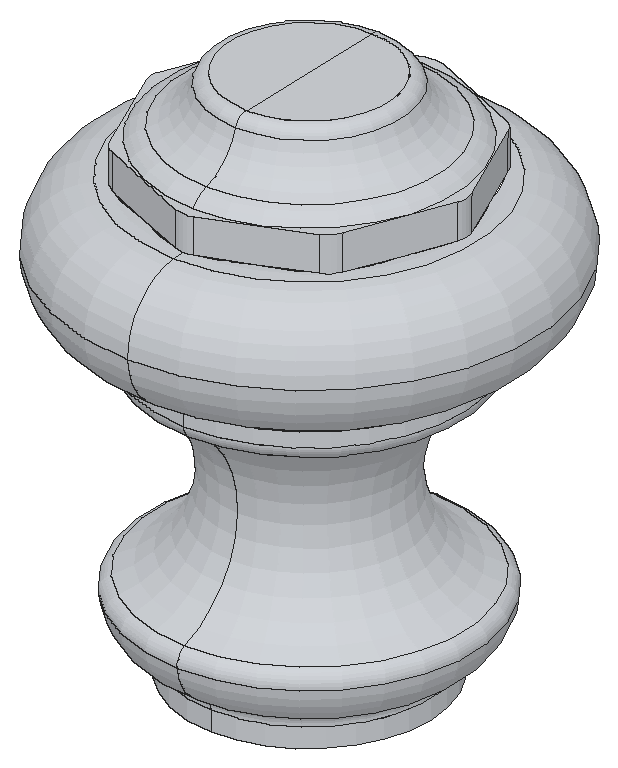
Revit family "Accessory-Cabinet_Knob-KOHLER-Artifacts-K-72578", category Specialty Equipment, host Face, Revit 2015
Parameters (values of type "CP-Polished Chrome")
  Width = 1 3/16"  # constant formula
  URL = "https://www.us.kohler.com/us/"
  Type = 1
  Product Page URL = "http://www.us.kohler.com/us/catalog/productDetails.jsp?productNumber=72578"
  Product Name = "Artifacts"  # constant formula
  Product Documentation Link = "http://www.us.kohler.com/onlinecatalog/pdf/K-72578_spec.pdf"
  Model = if(Type = 1, "K-72578-CP", if(Type = 2, "K-72578-SN", if(Type = 3, "K-72578-BN", if(Type = 4, "K-72578-BV", if(Type = 5, "K-72578-2BZ", if(Type = 6, "K-72578-VNT", "NA"))))))  # "K-72578-CP"
  Material = "Premium Metal Construction"  # constant formula
  MasterFormat 2004 = "10.28.13"  # constant formula
  MasterFormat 1995 = "10820"  # constant formula
  Manufacturer Address = "444 Highland Dr, Kohler, WI 53044"  # constant formula
  Manufacturer = "KOHLER Co."  # constant formula
  Length = 1"  # constant formula
  Finish = Kohler-Metal-CP-Polished_Chrome
  Environmental Product Declaration = ""
  Description = "Cabinet knob"  # constant formula
  Default Elevation = 42"
  Declare Label = ""
  Date Modified = "10/15/2018"  # constant formula
  Date Created = "10/15/2018"  # constant formula
  Copyright = "Copyright KOHLER Co."  # constant formula
  Contact Us = "https://www.us.kohler.com/us/static/contact.jsp"
  Assembly Code = "C1030200"
  ADA Compliant = 1 = 0  # no
Types (7): name | Type | Model | Finish
  (no name) | 1 | "K-72578-CP" | Kohler-Metal-CP-Polished_Chrome
  CP-Polished Chrome | 1 | "K-72578-CP" | Kohler-Metal-CP-Polished_Chrome
  SN-Vibrant Polished Nickel | 2 | "K-72578-SN" | Kohler-Metal-SN-Vibrant_Polished_Nickel
  BN-Vibrant Brushed Nickel | 3 | "K-72578-BN" | Kohler-Metal-BN-Vibrant_Brushed_Nickel
  BV-Vibrant Brushed Bronze | 4 | "K-72578-BV" | Kohler-Metal-BV-Brushed_Bronze
  2BZ-Oil-Rubbed Bronze | 5 | "K-72578-2BZ" | Kohler-Metal-2BZ-Oil_Rubbed_Bronze
  VNT-Vintage Nickel | 6 | "K-72578-VNT" | Kohler-Metal-VNT-Vintage_Nickel
Reference planes (in)
  plane 1 "Center (Front/Back)": y = 0
  plane 2: z = 0
  plane 3 "Center (Left/Right)": x = 0
  plane 4: x = -0.5
  plane 5: x = 0.5
  plane 6: z = 1.1875
Dimensions and locks (in)
  "Length": plane 4 to plane 5
  "Width": plane 2 to plane 6
  aligned and locked: plane 2 to host face
  aligned and locked: level to host face
Automatic sketch dimensions
  host sketch curve to host sketch curve = 96"  (x2)
Nested families (in)
  nested 1: "K-72578" at (0, 0, 0), type "K-72578"
Definition of nested family "K-72578"
  Parameters (values of type "K-72578")
    Material = none
  Reference planes (in)
    plane 1 "Center (Front/Back)": y = 0
    plane 2: z = 0
    plane 3 "Center (Left/Right)": x = 0
    plane 4: x = -0.5
    plane 5: x = 0.5
    plane 6: y = 0.5
    plane 7: y = -0.5
    plane 8: z = 1.1875
    plane 9: y = 0.27006
  Forms (in)
    Revolve 1, solid, material <- "Material", detail levels medium+fine
      sketch origin (0, 0, 0) x (0, 1, 0) y (0, 0, 1)
        loop
          line (0, 0) -> (0.27006, 0) -> (0.27006, 0.04297)
          arc (0.27006, 0.04297) -> (0.27538, 0.06) -> (0.28946, 0.07097) r 0.02991
          arc (0.28946, 0.07097) -> (0.34037, 0.1083) -> (0.36443, 0.16667) r 0.11681
          arc (0.36443, 0.16667) -> (0.35964, 0.18803) -> (0.34255, 0.20172) r 0.03304
          arc (0.34255, 0.20172) -> (0.19636, 0.39978) -> (0.32691, 0.6085) r 0.21883
          arc (0.32691, 0.6085) -> (0.34072, 0.62021) -> (0.34588, 0.63757) r 0.03177
          line (0.34588, 0.63757) -> (0.34588, 0.66884)
          arc (0.34588, 0.66884) -> (0.35346, 0.68877) -> (0.37236, 0.69863) r 0.02999
          arc (0.37236, 0.69863) -> (0.46185, 0.74433) -> (0.5, 0.8373) r 0.1447
          arc (0.5, 0.8373) -> (0.46513, 0.93475) -> (0.37286, 0.98165) r 0.14007
          arc (0.37286, 0.98165) -> (0.34747, 0.98255) -> (0.32214, 0.98059) r 0.22523
          line (0.32214, 0.98059) -> (0.32214, 1.05875)
          arc (0.32214, 1.05875) -> (0.30467, 1.07405) -> (0.2837, 1.08404) r 0.08483
          arc (0.2837, 1.08404) -> (0.2331, 1.115) -> (0.20271, 1.16595) r 0.12382
          arc (0.20271, 1.16595) -> (0.19171, 1.18153) -> (0.1736, 1.1875) r 0.03043
          line (0.1736, 1.1875) -> (0, 1.1875) -> (0, 0)
        axis (0, 0) -> (0, 1.1875)
      angle from 0 to 360
    Extrusion 2, solid, material <- "Material", detail levels medium+fine
      sketch origin (0, 0, 0) x (1, 0, 0) y (0, 1, 0)
        loop
          arc (-0.34347, 0.01913) -> (-0.34727, 0) -> (-0.34347, -0.01913) r 0.05
          line (-0.34347, -0.01913) -> (-0.25662, -0.2288)
          arc (-0.25662, -0.2288) -> (-0.24548, -0.24548) -> (-0.2288, -0.25662) r 0.05141
          line (-0.2288, -0.25662) -> (-0.01904, -0.34351)
          arc (-0.01904, -0.34351) -> (0, -0.34729) -> (0.01904, -0.34351) r 0.04975
          line (0.01904, -0.34351) -> (0.2282, -0.25687)
          arc (0.2282, -0.25687) -> (0.24539, -0.24539) -> (0.25687, -0.2282) r 0.05297
          line (0.25687, -0.2282) -> (0.34347, -0.01913)
          arc (0.34347, -0.01913) -> (0.34727, 0) -> (0.34347, 0.01913) r 0.05
          line (0.34347, 0.01913) -> (0.25687, 0.2282)
          arc (0.25687, 0.2282) -> (0.24539, 0.24539) -> (0.2282, 0.25687) r 0.05297
          line (0.2282, 0.25687) -> (0.01904, 0.34351)
          arc (0.01904, 0.34351) -> (0, 0.34729) -> (-0.01904, 0.34351) r 0.04975
          line (-0.01904, 0.34351) -> (-0.2288, 0.25662)
          arc (-0.2288, 0.25662) -> (-0.24548, 0.24548) -> (-0.25662, 0.2288) r 0.05141
          line (-0.25662, 0.2288) -> (-0.34347, 0.01913)
      from 0.96269 to 1.05875
    Extrusion 3, solid, material <- "Material", detail levels coarse
      sketch origin (0, 0, 0) x (1, 0, 0) y (0, 1, 0)
        loop
          circle (0, 0) r 0.5
      from 0 to 1.1875
  Cuts and joins
    joined: Revolve 1, Extrusion 2
  Lines and regions (in)
    Masking region 1
      outline origin (0, 0, 0) x (0, 1, 0) y (0, 0, 1)
        loop
          line (0, 0) -> (0.27006, 0) -> (0.27006, 0.04297)
          arc (0.27006, 0.04297) -> (0.27538, 0.06) -> (0.28946, 0.07097) r 0.02991
          arc (0.28946, 0.07097) -> (0.34037, 0.1083) -> (0.36443, 0.16667) r 0.11681
          arc (0.36443, 0.16667) -> (0.35964, 0.18803) -> (0.34255, 0.20172) r 0.03304
          arc (0.34255, 0.20172) -> (0.19636, 0.39978) -> (0.32691, 0.6085) r 0.21883
          arc (0.32691, 0.6085) -> (0.34072, 0.62021) -> (0.34588, 0.63757) r 0.03177
          line (0.34588, 0.63757) -> (0.34588, 0.66884)
          arc (0.34588, 0.66884) -> (0.35346, 0.68877) -> (0.37236, 0.69863) r 0.02999
          arc (0.37236, 0.69863) -> (0.46185, 0.74433) -> (0.5, 0.8373) r 0.1447
          arc (0.5, 0.8373) -> (0.45837, 0.9419) -> (0.3532, 0.98208) r 0.14007
          line (0.3532, 0.98208) -> (0.3532, 1.05875) -> (0.32214, 1.05875)
          arc (0.32214, 1.05875) -> (0.30467, 1.07405) -> (0.2837, 1.08404) r 0.08483
          arc (0.2837, 1.08404) -> (0.2331, 1.115) -> (0.20271, 1.16595) r 0.12382
          arc (0.20271, 1.16595) -> (0.19171, 1.18153) -> (0.1736, 1.1875) r 0.03043
          line (0.1736, 1.1875) -> (0, 1.1875) -> (-0.1736, 1.1875)
          arc (-0.1736, 1.1875) -> (-0.19171, 1.18153) -> (-0.20271, 1.16595) r 0.03043
          arc (-0.20271, 1.16595) -> (-0.2331, 1.115) -> (-0.2837, 1.08404) r 0.12382
          arc (-0.2837, 1.08404) -> (-0.30467, 1.07405) -> (-0.32214, 1.05875) r 0.08483
          line (-0.32214, 1.05875) -> (-0.3532, 1.05875) -> (-0.3532, 0.98208)
          arc (-0.3532, 0.98208) -> (-0.45837, 0.9419) -> (-0.5, 0.8373) r 0.14007
          arc (-0.5, 0.8373) -> (-0.46185, 0.74433) -> (-0.37236, 0.69863) r 0.1447
          arc (-0.37236, 0.69863) -> (-0.35346, 0.68877) -> (-0.34588, 0.66884) r 0.02999
          line (-0.34588, 0.66884) -> (-0.34588, 0.63757)
          arc (-0.34588, 0.63757) -> (-0.34072, 0.62021) -> (-0.32691, 0.6085) r 0.03177
          arc (-0.32691, 0.6085) -> (-0.19636, 0.39978) -> (-0.34255, 0.20172) r 0.21883
          arc (-0.34255, 0.20172) -> (-0.35964, 0.18803) -> (-0.36443, 0.16667) r 0.03304
          arc (-0.36443, 0.16667) -> (-0.34037, 0.1083) -> (-0.28946, 0.07097) r 0.11681
          arc (-0.28946, 0.07097) -> (-0.27538, 0.06) -> (-0.27006, 0.04297) r 0.02991
          line (-0.27006, 0.04297) -> (-0.27006, 0) -> (0, 0)
    Masking region 2
      outline origin (0, 0, 0) x (1, 0, 0) y (0, 0, 1)
        loop
          line (0.00008, 0) -> (0.27014, 0) -> (0.27014, 0.04297)
          arc (0.27014, 0.04297) -> (0.27546, 0.06) -> (0.28954, 0.07097) r 0.02991
          arc (0.28954, 0.07097) -> (0.34046, 0.1083) -> (0.36451, 0.16667) r 0.11681
          arc (0.36451, 0.16667) -> (0.35973, 0.18803) -> (0.34264, 0.20172) r 0.03304
          arc (0.34264, 0.20172) -> (0.19645, 0.39978) -> (0.32699, 0.6085) r 0.21883
          arc (0.32699, 0.6085) -> (0.3408, 0.62021) -> (0.34597, 0.63757) r 0.03177
          line (0.34597, 0.63757) -> (0.34597, 0.66884)
          arc (0.34597, 0.66884) -> (0.35354, 0.68877) -> (0.37244, 0.69863) r 0.02999
          arc (0.37244, 0.69863) -> (0.46194, 0.74433) -> (0.50008, 0.8373) r 0.1447
          arc (0.50008, 0.8373) -> (0.45845, 0.9419) -> (0.35328, 0.98208) r 0.14007
          line (0.35328, 0.98208) -> (0.35328, 1.05875) -> (0.32223, 1.05875)
          arc (0.32223, 1.05875) -> (0.30475, 1.07405) -> (0.28378, 1.08404) r 0.08483
          arc (0.28378, 1.08404) -> (0.23318, 1.115) -> (0.20279, 1.16595) r 0.12382
          arc (0.20279, 1.16595) -> (0.1918, 1.18153) -> (0.17369, 1.1875) r 0.03043
          line (0.17369, 1.1875) -> (0.00008, 1.1875) -> (-0.17352, 1.1875)
          arc (-0.17352, 1.1875) -> (-0.19163, 1.18153) -> (-0.20262, 1.16595) r 0.03043
          arc (-0.20262, 1.16595) -> (-0.23301, 1.115) -> (-0.28361, 1.08404) r 0.12382
          arc (-0.28361, 1.08404) -> (-0.30458, 1.07405) -> (-0.32206, 1.05875) r 0.08483
          line (-0.32206, 1.05875) -> (-0.35311, 1.05875) -> (-0.35311, 0.98208)
          arc (-0.35311, 0.98208) -> (-0.45828, 0.9419) -> (-0.49992, 0.8373) r 0.14007
          arc (-0.49992, 0.8373) -> (-0.46177, 0.74433) -> (-0.37227, 0.69863) r 0.1447
          arc (-0.37227, 0.69863) -> (-0.35337, 0.68877) -> (-0.3458, 0.66884) r 0.02999
          line (-0.3458, 0.66884) -> (-0.3458, 0.63757)
          arc (-0.3458, 0.63757) -> (-0.34063, 0.62021) -> (-0.32682, 0.6085) r 0.03177
          arc (-0.32682, 0.6085) -> (-0.19628, 0.39978) -> (-0.34247, 0.20172) r 0.21883
          arc (-0.34247, 0.20172) -> (-0.35956, 0.18803) -> (-0.36434, 0.16667) r 0.03304
          arc (-0.36434, 0.16667) -> (-0.34029, 0.1083) -> (-0.28937, 0.07097) r 0.11681
          arc (-0.28937, 0.07097) -> (-0.2753, 0.06) -> (-0.26997, 0.04297) r 0.02991
          line (-0.26997, 0.04297) -> (-0.26997, 0) -> (0.00008, 0)
    Masking region 3
      outline origin (0, 0, 0) x (1, 0, 0) y (0, 1, 0)
        loop
          circle (0, 0) r 0.5
    symbolic lines, detail levels medium+fine
      curve 1: line (-0.20262, 0, 1.16595) -> (0.20279, 0, 1.16595)
      curve 2: line (-0.32214, 0, 1.05875) -> (0.32214, 0, 1.05875)
      curve 3: line (-0.28361, 0, 1.08404) -> (0.28378, 0, 1.08404)
      curve 4: line (-0.35311, 0, 0.98208) -> (0.35328, 0, 0.98208)
      curve 5: line (-0.37227, 0, 0.69863) -> (0.37244, 0, 0.69863)
      curve 6: line (-0.32682, 0, 0.6085) -> (0.32699, 0, 0.6085)
      curve 7: line (-0.34247, 0, 0.20172) -> (0.34264, 0, 0.20172)
      curve 8: line (-0.28937, 0, 0.07097) -> (0.28954, 0, 0.07097)
      curve 9: line (0, 0.20271, 1.16595) -> (0, -0.20271, 1.16595)
      curve 10: line (0, 0.2837, 1.08404) -> (0, -0.2837, 1.08404)
      curve 11: line (0, 0.32214, 1.05875) -> (0, -0.32214, 1.05875)
      curve 12: line (0, 0.3532, 0.98208) -> (0, -0.3532, 0.98208)
      curve 13: line (0, 0.37236, 0.69863) -> (0, -0.37236, 0.69863)
      curve 14: line (0, 0.32691, 0.6085) -> (0, -0.32691, 0.6085)
      curve 15: line (0, 0.34255, 0.20172) -> (0, -0.34255, 0.20172)
      curve 16: line (0, 0.28946, 0.07097) -> (0, -0.28946, 0.07097)
      curve 17: line (-0.01904, 0.34351, 0) -> (-0.2288, 0.25662, 0)
      curve 18: arc (-0.2288, 0.25662, 0) -> (-0.24548, 0.24548, 0) -> (-0.25662, 0.2288, 0) r 0.05141
      curve 19: line (-0.25662, 0.2288, 0) -> (-0.34347, 0.01913, 0)
      curve 20: arc (-0.34347, 0.01913, 0) -> (-0.34727, 0, 0) -> (-0.34347, -0.01913, 0) r 0.05
      curve 21: line (-0.34347, -0.01913, 0) -> (-0.25662, -0.2288, 0)
      curve 22: arc (-0.25662, -0.2288, 0) -> (-0.24548, -0.24548, 0) -> (-0.2288, -0.25662, 0) r 0.05141
      curve 23: line (-0.2288, -0.25662, 0) -> (-0.01904, -0.34351, 0)
      curve 24: arc (-0.01904, -0.34351, 0) -> (0, -0.34729, 0) -> (0.01904, -0.34351, 0) r 0.04975
      curve 25: line (0.01904, -0.34351, 0) -> (0.2282, -0.25687, 0)
      curve 26: arc (0.2282, -0.25687, 0) -> (0.24539, -0.24539, 0) -> (0.25687, -0.2282, 0) r 0.05297
      curve 27: line (0.25687, -0.2282, 0) -> (0.34347, -0.01913, 0)
      curve 28: arc (0.34347, -0.01913, 0) -> (0.34727, 0, 0) -> (0.34347, 0.01913, 0) r 0.05
      curve 29: line (0.34347, 0.01913, 0) -> (0.25687, 0.2282, 0)
      curve 30: arc (0.25687, 0.2282, 0) -> (0.24539, 0.24539, 0) -> (0.2282, 0.25687, 0) r 0.05297
      curve 31: line (0.2282, 0.25687, 0) -> (0.01904, 0.34351, 0)
      curve 32: arc (0.01904, 0.34351, 0) -> (0, 0.34729, 0) -> (-0.01904, 0.34351, 0) r 0.04975
      curve 33: circle (0, 0, 0) r 0.32214 normal (0, 0, 1)
      curve 34: circle (0, 0, 0) r 0.19555 normal (0, 0, 1)
  Dimensions and locks (in)
    plane 5 to plane 3 "Center (Left/Right)" = 1/2"
    plane 8 to plane 2 = 1 3/16"
    aligned and locked: plane 2 to level
